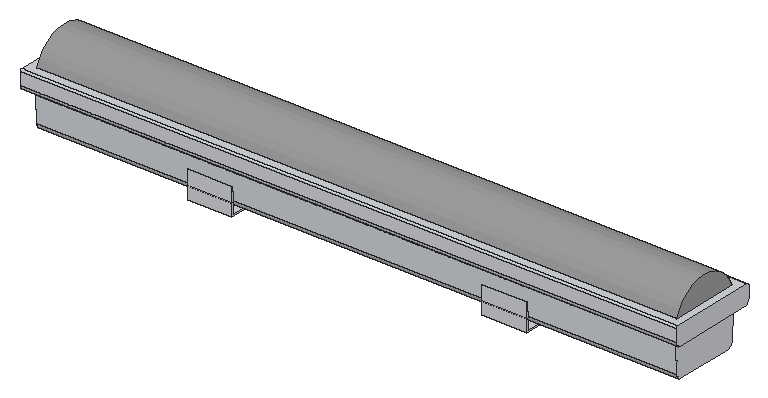
Revit family "0010203", category Lighting Fixtures, host Face, Revit 2017 (continued)
Types (60, lengths in mm): name | Weight | Wattage | TypeName | built-in parameter 1150134 | Photometric Web File | built-in parameter 1150142 | PowerFactor | PowerConsumption | NominalLength | Name | ModelReference | ModelNumber | Model | LuminousEfficacy | built-in parameter 1150105 | Lumens | LampNominalLuminous | LampMacAdamStep | LampColourTemperature | LENGHT_SYL | LENGHT_CHAMFER_SYL | LENGHT-_SYL | LENGHT-_CHAMFER_SYL | L0650_SYL | L1500_SYL | L1200_SYL | built-in parameter 1150107 | built-in parameter 1150106 | built-in parameter 1150104 | DocumentationLiterature | Description | BRACKET_WIDTH_SYL | BRACKET_DIST_SYL | Apparent Load
  0010253 RESISTO 1500 IP66 4000LM 840 EM | "2.5 kg" | 34 W | "Resisto  1500 IP66 4000lm 840 EM" | 12 | "0010253.ies" | "IESNA:LM-63-2002\r\n[TEST] 0010253\r\n[TESTLAB]\r\n[MANUFAC] \r\n[LUMCAT]\r\n[LUMINAIRE] Resisto  1500 IP66 4000lm 840  EM /4000 \r\n[LAMP] 0010253 Resisto  1500 IP66 400/4000\r\n[BALLAST] \r\n[ISSUEDATE]\r\n[OTHER] B-Angle = 0.00 B-Tilt = 0.00 2021-02-16\r\nTILT=NONE\r\n1 4000.00 1 37 5 1 2 0.087 1.500 0.040\r\n1.0 1.0 34.00\r\n   0.00   5.00  10.00  15.00  20.00  25.00  30.00  35.00  40.00  45.00\r\n  50.00  55.00  60.00  65.00  70.00  75.00  80.00  85.00  90.00  95.00\r\n 100.00 105.00 110.00 115.00 120.00 125.00 130.00 135.00 140.00 145.00\r\n 150.00 155.00 160.00 165.00 170.00 175.00 180.00\r\n   0.00  22.50  45.00  67.50  90.00\r\n    1286.32    1282.04    1267.08    1242.24    1204.20    1153.48    1089.96\r\n    1014.52     929.92     838.88     742.84     644.48     545.24     444.32\r\n     341.20     234.40     129.16      41.04       3.44       3.44       3.56\r\n       3.64       3.68       4.00       4.44       4.88       5.36       5.92\r\n       6.56       7.24       7.88       8.56       9.20       9.76      10.20\r\n      10.56      10.80\r\n    1286.32    1282.32    1258.96    1221.88    1180.52    1135.48    1084.04\r\n    1028.00     970.20     909.44     836.64     737.52     606.12     461.80\r\n     332.80     230.44     154.88      99.40      59.44      31.04      16.00\r\n       6.68       4.68       5.08       5.36       5.64       5.96       6.36\r\n       6.84       7.32       7.88       8.44       9.04       9.48       9.92\r\n      10.32      10.80\r\n    1286.32    1275.00    1239.36    1214.04    1191.84    1175.16    1166.84\r\n    1143.48    1092.48     985.60     822.80     647.44     502.76     392.92\r\n     309.80     246.88     196.16     151.64     115.40      87.72      60.76\r\n      37.96      22.28      12.12       7.48       7.32       7.24       7.24\r\n       7.24       7.52       7.96       8.44       8.92       9.36       9.80\r\n      10.16      10.80\r\n    1286.32    1269.16    1235.64    1223.44    1220.12    1235.36    1227.80\r\n    1181.72    1069.64     900.00     732.92     597.68     489.40     405.12\r\n     343.04     291.52     239.48     192.44     153.84     115.48      71.84\r\n      48.56      32.56      22.00      14.16       8.84       8.00       7.92\r\n       7.84       7.84       8.00       8.44       8.96       9.40       9.84\r\n      10.24      10.80\r\n    1286.32    1269.00    1235.96    1226.28    1235.68    1250.20    1239.32\r\n    1175.04    1040.44     867.00     712.80     589.00     489.24     414.92\r\n     359.04     308.00     254.04     204.76     161.72     113.20      70.92\r\n      50.04      36.08      26.60      18.72      12.48       9.84       9.60\r\n       9.48       9.36       9.40       9.68      10.16      10.56      10.84\r\n      10.96      10.80\r\n" | 0.95 | "34 W" | 1500 | "Resisto  1500 IP66 4000lm 840 EM" | "Resisto  1500 IP66 4000lm 840 EM" | "0010253" | "Resisto  1500 IP66 4000lm 840 EM" | "118 lm/W" | 1290.2 (stored number, unit not read) | 4012 lm | "4000 lm" | "5" | "4000 K" | 742 | 750 | -742 | -750 | no | yes | no | 4000 (stored number, unit not read) | 12.902 (stored number, unit not read) | 10.963 (stored number, unit not read) | "http://www.sylvania-lighting.com/product/en-int/products/0010253" | "Resisto, integrated LED weatherproof luminaire, with UV stabilized flat diffuser designed to achieve uniform lit appearance, optimise light output and to reduce glare. 301 stainless steel diffuser clips and fixing brackets for surface mounting. Polycarbonate housing and diffuser - no yellow discolouration over time. 4000lm; 34W; 118lm/W; 4000K; SDCM<5; non dimmable; CRI80; IP66; IK08; Class I; 69,000hrs (L80B20) lifespan; 1500mm x 89mm x 88mm; D-mark; 3-hour maintained emergency batteries." | 550 | 594 | 34 VA
  0010252 RESISTO 1500 IP66 7100LM 840 5XTH | "2.18 kg" | 52 W | "Resisto 1500 IP66 7100lm 840 5xTH" | 12 | "0010252.ies" | "IESNA:LM-63-2002\r\n[TEST] 0010252\r\n[TESTLAB]\r\n[MANUFAC] \r\n[LUMCAT]\r\n[LUMINAIRE] Resisto 1500 IP66 7100lm 840 5 xTH /4000 \r\n[LAMP] 0010252 Resisto 1500 IP66 7100/4000\r\n[BALLAST] \r\n[ISSUEDATE]\r\n[OTHER] B-Angle = 0.00 B-Tilt = 0.00 2021-02-16\r\nTILT=NONE\r\n1 7100.00 1 37 5 1 2 0.087 1.500 0.040\r\n1.0 1.0 52.00\r\n   0.00   5.00  10.00  15.00  20.00  25.00  30.00  35.00  40.00  45.00\r\n  50.00  55.00  60.00  65.00  70.00  75.00  80.00  85.00  90.00  95.00\r\n 100.00 105.00 110.00 115.00 120.00 125.00 130.00 135.00 140.00 145.00\r\n 150.00 155.00 160.00 165.00 170.00 175.00 180.00\r\n   0.00  22.50  45.00  67.50  90.00\r\n    2367.50    2355.99    2324.75    2272.21    2198.66    2105.22    1987.15\r\n    1846.50    1688.17    1517.63    1338.35    1156.09     971.56     783.84\r\n     591.57     393.34     202.42      52.40       6.04       6.32       6.60\r\n       6.74       7.10       7.67       8.38       9.23      10.15      11.15\r\n      12.28      13.49      14.70      15.90      16.97      17.96      18.82\r\n      19.38      19.74\r\n    2367.50    2349.25    2296.64    2224.43    2147.47    2064.82    1969.75\r\n    1864.18    1753.49    1637.54    1496.04    1306.61    1062.44     799.82\r\n     568.50     386.67     253.61     155.92      88.11      42.32      20.66\r\n       8.24       8.38       8.95       9.66      10.22      10.86      11.64\r\n      12.57      13.56      14.55      15.62      16.61      17.61      18.39\r\n      19.03      19.74\r\n    2367.50    2328.59    2259.79    2218.68    2171.11    2138.38    2120.20\r\n    2071.14    1967.62    1757.25    1446.63    1125.85     867.98     675.21\r\n     529.80     419.18     329.30     252.12     190.92     142.71      97.91\r\n      59.78      33.65      17.18      12.99      13.06      13.14      13.14\r\n      13.42      14.06      14.77      15.62      16.47      17.40      18.18\r\n      18.82      19.74\r\n    2367.50    2314.25    2259.57    2234.80    2232.45    2253.47    2231.60\r\n    2133.98    1911.53    1588.98    1283.82    1043.70     851.93     704.04\r\n     595.12     503.60     411.52     330.36     264.33     193.76     120.35\r\n      80.59      53.25      34.65      21.87      14.63      14.48      14.48\r\n      14.41      14.41      14.91      15.62      16.47      17.32      18.18\r\n      18.89      19.74\r\n    2367.50    2303.60    2263.13    2242.32    2275.55    2286.48    2253.19\r\n    2110.69    1838.62    1518.83    1247.26    1030.14     856.33     727.32\r\n     628.78     536.69     440.55     354.86     277.54     188.43     117.29\r\n      83.99      59.78      43.31      30.25      20.52      17.61      17.40\r\n      17.32      17.11      17.25      17.82      18.53      19.17      19.74\r\n      19.95      19.74\r\n" | 0.95 | "52 W" | 1500 | "Resisto 1500 IP66 7100lm 840 5xTH" | "Resisto 1500 IP66 7100lm 840 5xTH" | "0010252" | "Resisto 1500 IP66 7100lm 840 5xTH" | "137 lm/W" | 2375.5 (stored number, unit not read) | 7124 lm | "7100 lm" | "5" | "4000 K" | 742 | 750 | -742 | -750 | no | yes | no | 4000 (stored number, unit not read) | 23.755 (stored number, unit not read) | 12.728 (stored number, unit not read) | "http://www.sylvania-lighting.com/product/en-int/products/0010252" | "Resisto, integrated LED weatherproof luminaire, with UV stabilized flat diffuser designed to achieve uniform lit appearance, optimise light output and to reduce glare. 301 stainless steel diffuser clips and fixing brackets for surface mounting. Polycarbonate housing and diffuser - no yellow discolouration over time. 7100lm; 52W; 137lm/W; 4000K; SDCM<5; non dimmable; CRI80; IP66; IK08; Class I; 69,000hrs (L80B20) lifespan; 1500mm x 89mm x 88mm; D-mark; through wiring." | 550 | 594 | 52 VA
  0010251 RESISTO 1500 IP66 4000LM 840 5XTH | "2.1 kg" | 30 W | "Resisto 1500 IP66 4000lm 840 5xTH" | 12 | "0010251.ies" | "IESNA:LM-63-2002\r\n[TEST] 0010251\r\n[TESTLAB]\r\n[MANUFAC] \r\n[LUMCAT]\r\n[LUMINAIRE] Resisto 1500 IP66 4000lm 840 5 xTH /4000 \r\n[LAMP] 0010251 Resisto 1500 IP66 4000\r\n[BALLAST] \r\n[ISSUEDATE]\r\n[OTHER] B-Angle = 0.00 B-Tilt = 0.00 2021-02-16\r\nTILT=NONE\r\n1 4000.00 1 37 5 1 2 0.087 1.500 0.040\r\n1.0 1.0 30.00\r\n   0.00   5.00  10.00  15.00  20.00  25.00  30.00  35.00  40.00  45.00\r\n  50.00  55.00  60.00  65.00  70.00  75.00  80.00  85.00  90.00  95.00\r\n 100.00 105.00 110.00 115.00 120.00 125.00 130.00 135.00 140.00 145.00\r\n 150.00 155.00 160.00 165.00 170.00 175.00 180.00\r\n   0.00  22.50  45.00  67.50  90.00\r\n    1286.32    1282.04    1267.08    1242.24    1204.20    1153.48    1089.96\r\n    1014.52     929.92     838.88     742.84     644.48     545.24     444.32\r\n     341.20     234.40     129.16      41.04       3.44       3.44       3.56\r\n       3.64       3.68       4.00       4.44       4.88       5.36       5.92\r\n       6.56       7.24       7.88       8.56       9.20       9.76      10.20\r\n      10.56      10.80\r\n    1286.32    1282.32    1258.96    1221.88    1180.52    1135.48    1084.04\r\n    1028.00     970.20     909.44     836.64     737.52     606.12     461.80\r\n     332.80     230.44     154.88      99.40      59.44      31.04      16.00\r\n       6.68       4.68       5.08       5.36       5.64       5.96       6.36\r\n       6.84       7.32       7.88       8.44       9.04       9.48       9.92\r\n      10.32      10.80\r\n    1286.32    1275.00    1239.36    1214.04    1191.84    1175.16    1166.84\r\n    1143.48    1092.48     985.60     822.80     647.44     502.76     392.92\r\n     309.80     246.88     196.16     151.64     115.40      87.72      60.76\r\n      37.96      22.28      12.12       7.48       7.32       7.24       7.24\r\n       7.24       7.52       7.96       8.44       8.92       9.36       9.80\r\n      10.16      10.80\r\n    1286.32    1269.16    1235.64    1223.44    1220.12    1235.36    1227.80\r\n    1181.72    1069.64     900.00     732.92     597.68     489.40     405.12\r\n     343.04     291.52     239.48     192.44     153.84     115.48      71.84\r\n      48.56      32.56      22.00      14.16       8.84       8.00       7.92\r\n       7.84       7.84       8.00       8.44       8.96       9.40       9.84\r\n      10.24      10.80\r\n    1286.32    1269.00    1235.96    1226.28    1235.68    1250.20    1239.32\r\n    1175.04    1040.44     867.00     712.80     589.00     489.24     414.92\r\n     359.04     308.00     254.04     204.76     161.72     113.20      70.92\r\n      50.04      36.08      26.60      18.72      12.48       9.84       9.60\r\n       9.48       9.36       9.40       9.68      10.16      10.56      10.84\r\n      10.96      10.80\r\n" | 0.95 | "30 W" | 1500 | "Resisto 1500 IP66 4000lm 840 5xTH" | "Resisto 1500 IP66 4000lm 840 5xTH" | "0010251" | "Resisto 1500 IP66 4000lm 840 5xTH" | "133 lm/W" | 1283.1 (stored number, unit not read) | 3990 lm | "4000 lm" | "5" | "4000 K" | 742 | 750 | -742 | -750 | no | yes | no | 4000 (stored number, unit not read) | 12.831 (stored number, unit not read) | 12.356 (stored number, unit not read) | "http://www.sylvania-lighting.com/product/en-int/products/0010251" | "Resisto, integrated LED weatherproof luminaire, with UV stabilized flat diffuser designed to achieve uniform lit appearance, optimise light output and to reduce glare. 301 stainless steel diffuser clips and fixing brackets for surface mounting. Polycarbonate housing and diffuser - no yellow discolouration over time. 4000lm; 30W; 133lm/W; 4000K; SDCM<5; non dimmable; CRI80; IP66; IK08; Class I; 69,000hrs (L80B20) lifespan; 1500mm x 89mm x 88mm; D-mark; through wiring." | 550 | 594 | 30 VA
  0010250 RESISTO 1500 IP66 7100LM 840 QC | "2.02 kg" | 52 W | "Resisto  1500 IP66 7100lm 840 QC" | 12 | "0010250.ies" | "IESNA:LM-63-2002\r\n[TEST] 0010250\r\n[TESTLAB]\r\n[MANUFAC] \r\n[LUMCAT]\r\n[LUMINAIRE] Resisto  1500 IP66 7100lm 840  QC /4000 \r\n[LAMP] 0010250 Resisto  1500 IP66 710/4000\r\n[BALLAST] \r\n[ISSUEDATE]\r\n[OTHER] B-Angle = 0.00 B-Tilt = 0.00 2021-02-16\r\nTILT=NONE\r\n1 7100.00 1 37 5 1 2 0.087 1.500 0.040\r\n1.0 1.0 52.00\r\n   0.00   5.00  10.00  15.00  20.00  25.00  30.00  35.00  40.00  45.00\r\n  50.00  55.00  60.00  65.00  70.00  75.00  80.00  85.00  90.00  95.00\r\n 100.00 105.00 110.00 115.00 120.00 125.00 130.00 135.00 140.00 145.00\r\n 150.00 155.00 160.00 165.00 170.00 175.00 180.00\r\n   0.00  22.50  45.00  67.50  90.00\r\n    2367.50    2355.99    2324.75    2272.21    2198.66    2105.22    1987.15\r\n    1846.50    1688.17    1517.63    1338.35    1156.09     971.56     783.84\r\n     591.57     393.34     202.42      52.40       6.04       6.32       6.60\r\n       6.74       7.10       7.67       8.38       9.23      10.15      11.15\r\n      12.28      13.49      14.70      15.90      16.97      17.96      18.82\r\n      19.38      19.74\r\n    2367.50    2349.25    2296.64    2224.43    2147.47    2064.82    1969.75\r\n    1864.18    1753.49    1637.54    1496.04    1306.61    1062.44     799.82\r\n     568.50     386.67     253.61     155.92      88.11      42.32      20.66\r\n       8.24       8.38       8.95       9.66      10.22      10.86      11.64\r\n      12.57      13.56      14.55      15.62      16.61      17.61      18.39\r\n      19.03      19.74\r\n    2367.50    2328.59    2259.79    2218.68    2171.11    2138.38    2120.20\r\n    2071.14    1967.62    1757.25    1446.63    1125.85     867.98     675.21\r\n     529.80     419.18     329.30     252.12     190.92     142.71      97.91\r\n      59.78      33.65      17.18      12.99      13.06      13.14      13.14\r\n      13.42      14.06      14.77      15.62      16.47      17.40      18.18\r\n      18.82      19.74\r\n    2367.50    2314.25    2259.57    2234.80    2232.45    2253.47    2231.60\r\n    2133.98    1911.53    1588.98    1283.82    1043.70     851.93     704.04\r\n     595.12     503.60     411.52     330.36     264.33     193.76     120.35\r\n      80.59      53.25      34.65      21.87      14.63      14.48      14.48\r\n      14.41      14.41      14.91      15.62      16.47      17.32      18.18\r\n      18.89      19.74\r\n    2367.50    2303.60    2263.13    2242.32    2275.55    2286.48    2253.19\r\n    2110.69    1838.62    1518.83    1247.26    1030.14     856.33     727.32\r\n     628.78     536.69     440.55     354.86     277.54     188.43     117.29\r\n      83.99      59.78      43.31      30.25      20.52      17.61      17.40\r\n      17.32      17.11      17.25      17.82      18.53      19.17      19.74\r\n      19.95      19.74\r\n" | 0.95 | "52 W" | 1512 | "Resisto  1500 IP66 7100lm 840 QC" | "Resisto  1500 IP66 7100lm 840 QC" | "0010250" | "Resisto  1500 IP66 7100lm 840 QC" | "137 lm/W" | 2375.5 (stored number, unit not read) | 7124 lm | "7100 lm" | "5" | "4000 K" | 742 | 750 | -742 | -750 | no | yes | no | 4000 (stored number, unit not read) | 23.755 (stored number, unit not read) | 12.728 (stored number, unit not read) | "http://www.sylvania-lighting.com/product/en-int/products/0010250" | "Resisto, integrated LED weatherproof luminaire, with UV stabilized flat diffuser designed to achieve uniform lit appearance, optimise light output and to reduce glare. 301 stainless steel diffuser clips and fixing brackets for surface mounting. Polycarbonate housing and diffuser - no yellow discolouration over time. 7100lm; 52W; 137lm/W; 4000K; SDCM<5; non dimmable; CRI80; IP66; IK08; Class I; 69,000hrs (L80B20) lifespan; 1500mm x 89mm x 88mm; D-mark; assembled with quick connector." | 550 | 594 | 52 VA
  0010249 RESISTO 1500 IP66 4000LM 840 QC | "1.94 kg" | 30 W | "Resisto  1500 IP66 4000lm 840 QC" | 12 | "0010249.ies" | "IESNA:LM-63-2002\r\n[TEST] 0010249\r\n[TESTLAB]\r\n[MANUFAC] \r\n[LUMCAT]\r\n[LUMINAIRE] Resisto  1500 IP66 4000lm 840  QC /4000 \r\n[LAMP] 0010249 Resisto  1500 IP66 400/4000\r\n[BALLAST] \r\n[ISSUEDATE]\r\n[OTHER] B-Angle = 0.00 B-Tilt = 0.00 2021-02-16\r\nTILT=NONE\r\n1 4000.00 1 37 5 1 2 0.087 1.500 0.040\r\n1.0 1.0 30.00\r\n   0.00   5.00  10.00  15.00  20.00  25.00  30.00  35.00  40.00  45.00\r\n  50.00  55.00  60.00  65.00  70.00  75.00  80.00  85.00  90.00  95.00\r\n 100.00 105.00 110.00 115.00 120.00 125.00 130.00 135.00 140.00 145.00\r\n 150.00 155.00 160.00 165.00 170.00 175.00 180.00\r\n   0.00  22.50  45.00  67.50  90.00\r\n    1286.32    1282.04    1267.08    1242.24    1204.20    1153.48    1089.96\r\n    1014.52     929.92     838.88     742.84     644.48     545.24     444.32\r\n     341.20     234.40     129.16      41.04       3.44       3.44       3.56\r\n       3.64       3.68       4.00       4.44       4.88       5.36       5.92\r\n       6.56       7.24       7.88       8.56       9.20       9.76      10.20\r\n      10.56      10.80\r\n    1286.32    1282.32    1258.96    1221.88    1180.52    1135.48    1084.04\r\n    1028.00     970.20     909.44     836.64     737.52     606.12     461.80\r\n     332.80     230.44     154.88      99.40      59.44      31.04      16.00\r\n       6.68       4.68       5.08       5.36       5.64       5.96       6.36\r\n       6.84       7.32       7.88       8.44       9.04       9.48       9.92\r\n      10.32      10.80\r\n    1286.32    1275.00    1239.36    1214.04    1191.84    1175.16    1166.84\r\n    1143.48    1092.48     985.60     822.80     647.44     502.76     392.92\r\n     309.80     246.88     196.16     151.64     115.40      87.72      60.76\r\n      37.96      22.28      12.12       7.48       7.32       7.24       7.24\r\n       7.24       7.52       7.96       8.44       8.92       9.36       9.80\r\n      10.16      10.80\r\n    1286.32    1269.16    1235.64    1223.44    1220.12    1235.36    1227.80\r\n    1181.72    1069.64     900.00     732.92     597.68     489.40     405.12\r\n     343.04     291.52     239.48     192.44     153.84     115.48      71.84\r\n      48.56      32.56      22.00      14.16       8.84       8.00       7.92\r\n       7.84       7.84       8.00       8.44       8.96       9.40       9.84\r\n      10.24      10.80\r\n    1286.32    1269.00    1235.96    1226.28    1235.68    1250.20    1239.32\r\n    1175.04    1040.44     867.00     712.80     589.00     489.24     414.92\r\n     359.04     308.00     254.04     204.76     161.72     113.20      70.92\r\n      50.04      36.08      26.60      18.72      12.48       9.84       9.60\r\n       9.48       9.36       9.40       9.68      10.16      10.56      10.84\r\n      10.96      10.80\r\n" | 0.95 | "30 W" | 1512 | "Resisto  1500 IP66 4000lm 840 QC" | "Resisto  1500 IP66 4000lm 840 QC" | "0010249" | "Resisto  1500 IP66 4000lm 840 QC" | "133 lm/W" | 1283.1 (stored number, unit not read) | 3990 lm | "4000 lm" | "5" | "4000 K" | 742 | 750 | -742 | -750 | no | yes | no | 4000 (stored number, unit not read) | 12.831 (stored number, unit not read) | 12.356 (stored number, unit not read) | "http://www.sylvania-lighting.com/product/en-int/products/0010249" | "Resisto, integrated LED weatherproof luminaire, with UV stabilized flat diffuser designed to achieve uniform lit appearance, optimise light output and to reduce glare. 301 stainless steel diffuser clips and fixing brackets for surface mounting. Polycarbonate housing and diffuser - no yellow discolouration over time. 4000lm; 30W; 133lm/W; 4000K; SDCM<5; non dimmable; CRI80; IP66; IK08; Class I; 69,000hrs (L80B20) lifespan; 1500mm x 89mm x 88mm; D-mark; assembled with quick connector." | 550 | 594 | 30 VA
  0010248 RESISTO 1500 IP66 8300LM 865 | "1.95 kg" | 61 W | "Resisto  1500 IP66 8300lm 865" | 1 | "0010248.ies" | "IESNA:LM-63-2002\r\n[TEST] 0010248\r\n[TESTLAB]\r\n[MANUFAC] \r\n[LUMCAT]\r\n[LUMINAIRE] Resisto  1500 IP66 8300lm 865  /6500 \r\n[LAMP] 0010248 Resisto  1500 IP66 830/6500\r\n[BALLAST] \r\n[ISSUEDATE]\r\n[OTHER] B-Angle = 0.00 B-Tilt = 0.00 2021-02-16\r\nTILT=NONE\r\n1 8300.00 1 37 5 1 2 0.087 1.500 0.040\r\n1.0 1.0 61.00\r\n   0.00   5.00  10.00  15.00  20.00  25.00  30.00  35.00  40.00  45.00\r\n  50.00  55.00  60.00  65.00  70.00  75.00  80.00  85.00  90.00  95.00\r\n 100.00 105.00 110.00 115.00 120.00 125.00 130.00 135.00 140.00 145.00\r\n 150.00 155.00 160.00 165.00 170.00 175.00 180.00\r\n   0.00  22.50  45.00  67.50  90.00\r\n    2794.11    2777.43    2737.84    2672.02    2584.70    2469.75    2325.99\r\n    2158.25    1971.91    1771.55    1562.47    1349.33    1134.94     915.49\r\n     690.23     457.99     236.05      63.83       7.39       7.72       8.05\r\n       8.30       8.47       9.21      10.04      11.12      12.20      13.45\r\n      14.86      16.27      17.76      19.26      20.50      21.66      22.66\r\n      23.41      23.74\r\n    2794.11    2766.39    2701.24    2614.58    2523.45    2425.18    2311.22\r\n    2185.47    2055.91    1917.63    1746.65    1516.74    1223.75     916.65\r\n     650.47     441.56     288.59     177.04      99.43      46.89      23.24\r\n       9.71      10.04      10.79      11.62      12.28      13.03      14.03\r\n      15.11      16.27      17.51      18.76      19.92      21.00      21.91\r\n      22.66      23.74\r\n    2794.11    2741.99    2662.31    2613.09    2558.06    2525.86    2501.79\r\n    2443.11    2306.74    2041.38    1666.39    1295.71    1000.73     780.03\r\n     613.29     486.38     381.80     291.41     220.53     164.17     110.89\r\n      67.81      38.18      19.92      15.44      15.52      15.60      15.60\r\n      16.02      16.77      17.68      18.59      19.59      20.58      21.50\r\n      22.24      23.74\r\n    2794.11    2726.96    2665.96    2636.83    2646.95    2668.12    2640.56\r\n    2510.25    2225.56    1840.69    1490.60    1214.54     994.42     826.18\r\n     700.93     591.71     482.31     386.78     307.76     220.53     135.79\r\n      92.05      61.59      40.59      25.65      17.35      17.10      17.10\r\n      17.01      17.10      17.68      18.59      19.42      20.42      21.41\r\n      22.24      23.74\r\n    2794.11    2719.08    2674.92    2652.85    2699.66    2715.59    2670.03\r\n    2485.19    2145.30    1768.73    1455.90    1204.50    1006.04     859.05\r\n     744.51     633.79     519.00     417.24     320.96     214.06     134.96\r\n      97.61      70.22      51.13      35.94      24.40      21.00      20.67\r\n      20.50      20.25      20.42      21.16      22.08      22.74      23.41\r\n      23.65      23.74\r\n" | 0.95 | "61 W" | 1500 | "Resisto  1500 IP66 8300lm 865" | "Resisto  1500 IP66 8300lm 865" | "0010248" | "Resisto  1500 IP66 8300lm 865" | "136 lm/W" | 2792.8 (stored number, unit not read) | 8296 lm | "8300 lm" | "5" | "6500 K" | 742 | 750 | -742 | -750 | no | yes | no | 6500 (stored number, unit not read) | 27.928 (stored number, unit not read) | 12.635 (stored number, unit not read) | "http://www.sylvania-lighting.com/product/en-int/products/0010248" | "Resisto, integrated LED weatherproof luminaire, with UV stabilized flat diffuser designed to achieve uniform lit appearance, optimise light output and to reduce glare. 301 stainless steel diffuser clips and fixing brackets for surface mounting. Polycarbonate housing and diffuser - no yellow discolouration over time. 8300lm; 61W; 136lm/W; 6500K; SDCM<5; non dimmable; CRI80; IP66; IK08; Class I; 69,000hrs (L80B20) lifespan; 1500mm x 89mm x 88mm; D-mark." | 550 | 594 | 61 VA
  0010247 RESISTO 1500 IP66 7100LM 865 | "1.95 kg" | 52 W | "Resisto  1500 IP66 7100lm 865" | 1 | "0010247.ies" | "IESNA:LM-63-2002\r\n[TEST] 0010247\r\n[TESTLAB]\r\n[MANUFAC] \r\n[LUMCAT]\r\n[LUMINAIRE] Resisto  1500 IP66 7100lm 865  /6500 \r\n[LAMP] 0010247 Resisto  1500 IP66 710/6500\r\n[BALLAST] \r\n[ISSUEDATE]\r\n[OTHER] B-Angle = 0.00 B-Tilt = 0.00 2021-02-16\r\nTILT=NONE\r\n1 7100.00 1 37 5 1 2 0.087 1.500 0.040\r\n1.0 1.0 52.00\r\n   0.00   5.00  10.00  15.00  20.00  25.00  30.00  35.00  40.00  45.00\r\n  50.00  55.00  60.00  65.00  70.00  75.00  80.00  85.00  90.00  95.00\r\n 100.00 105.00 110.00 115.00 120.00 125.00 130.00 135.00 140.00 145.00\r\n 150.00 155.00 160.00 165.00 170.00 175.00 180.00\r\n   0.00  22.50  45.00  67.50  90.00\r\n    2367.50    2355.99    2324.75    2272.21    2198.66    2105.22    1987.15\r\n    1846.50    1688.17    1517.63    1338.35    1156.09     971.56     783.84\r\n     591.57     393.34     202.42      52.40       6.04       6.32       6.60\r\n       6.74       7.10       7.67       8.38       9.23      10.15      11.15\r\n      12.28      13.49      14.70      15.90      16.97      17.96      18.82\r\n      19.38      19.74\r\n    2367.50    2349.25    2296.64    2224.43    2147.47    2064.82    1969.75\r\n    1864.18    1753.49    1637.54    1496.04    1306.61    1062.44     799.82\r\n     568.50     386.67     253.61     155.92      88.11      42.32      20.66\r\n       8.24       8.38       8.95       9.66      10.22      10.86      11.64\r\n      12.57      13.56      14.55      15.62      16.61      17.61      18.39\r\n      19.03      19.74\r\n    2367.50    2328.59    2259.79    2218.68    2171.11    2138.38    2120.20\r\n    2071.14    1967.62    1757.25    1446.63    1125.85     867.98     675.21\r\n     529.80     419.18     329.30     252.12     190.92     142.71      97.91\r\n      59.78      33.65      17.18      12.99      13.06      13.14      13.14\r\n      13.42      14.06      14.77      15.62      16.47      17.40      18.18\r\n      18.82      19.74\r\n    2367.50    2314.25    2259.57    2234.80    2232.45    2253.47    2231.60\r\n    2133.98    1911.53    1588.98    1283.82    1043.70     851.93     704.04\r\n     595.12     503.60     411.52     330.36     264.33     193.76     120.35\r\n      80.59      53.25      34.65      21.87      14.63      14.48      14.48\r\n      14.41      14.41      14.91      15.62      16.47      17.32      18.18\r\n      18.89      19.74\r\n    2367.50    2303.60    2263.13    2242.32    2275.55    2286.48    2253.19\r\n    2110.69    1838.62    1518.83    1247.26    1030.14     856.33     727.32\r\n     628.78     536.69     440.55     354.86     277.54     188.43     117.29\r\n      83.99      59.78      43.31      30.25      20.52      17.61      17.40\r\n      17.32      17.11      17.25      17.82      18.53      19.17      19.74\r\n      19.95      19.74\r\n" | 0.95 | "52 W" | 1500 | "Resisto  1500 IP66 7100lm 865" | "Resisto  1500 IP66 7100lm 865" | "0010247" | "Resisto  1500 IP66 7100lm 865" | "137 lm/W" | 2375.5 (stored number, unit not read) | 7124 lm | "7100 lm" | "5" | "6500 K" | 742 | 750 | -742 | -750 | no | yes | no | 6500 (stored number, unit not read) | 23.755 (stored number, unit not read) | 12.728 (stored number, unit not read) | "http://www.sylvania-lighting.com/product/en-int/products/0010247" | "Resisto, integrated LED weatherproof luminaire, with UV stabilized flat diffuser designed to achieve uniform lit appearance, optimise light output and to reduce glare. 301 stainless steel diffuser clips and fixing brackets for surface mounting. Polycarbonate housing and diffuser - no yellow discolouration over time. 7100lm; 52W; 137lm/W; 6500K; SDCM<5; non dimmable; CRI80; IP66; IK08; Class I; 69,000hrs (L80B20) lifespan; 1500mm x 89mm x 88mm; D-mark." | 550 | 594 | 52 VA
  0010246 RESISTO 1500 IP66 4000LM 865 | "1.87 kg" | 30 W | "Resisto  1500 IP66 4000lm 865" | 1 | "0010246.ies" | "IESNA:LM-63-2002\r\n[TEST] 0010246\r\n[TESTLAB]\r\n[MANUFAC] \r\n[LUMCAT]\r\n[LUMINAIRE] Resisto  1500 IP66 4000lm 865  /6500 \r\n[LAMP] 0010246 Resisto  1500 IP66 400/6500\r\n[BALLAST] \r\n[ISSUEDATE]\r\n[OTHER] B-Angle = 0.00 B-Tilt = 0.00 2021-02-16\r\nTILT=NONE\r\n1 4000.00 1 37 5 1 2 0.087 1.500 0.040\r\n1.0 1.0 30.00\r\n   0.00   5.00  10.00  15.00  20.00  25.00  30.00  35.00  40.00  45.00\r\n  50.00  55.00  60.00  65.00  70.00  75.00  80.00  85.00  90.00  95.00\r\n 100.00 105.00 110.00 115.00 120.00 125.00 130.00 135.00 140.00 145.00\r\n 150.00 155.00 160.00 165.00 170.00 175.00 180.00\r\n   0.00  22.50  45.00  67.50  90.00\r\n    1286.32    1282.04    1267.08    1242.24    1204.20    1153.48    1089.96\r\n    1014.52     929.92     838.88     742.84     644.48     545.24     444.32\r\n     341.20     234.40     129.16      41.04       3.44       3.44       3.56\r\n       3.64       3.68       4.00       4.44       4.88       5.36       5.92\r\n       6.56       7.24       7.88       8.56       9.20       9.76      10.20\r\n      10.56      10.80\r\n    1286.32    1282.32    1258.96    1221.88    1180.52    1135.48    1084.04\r\n    1028.00     970.20     909.44     836.64     737.52     606.12     461.80\r\n     332.80     230.44     154.88      99.40      59.44      31.04      16.00\r\n       6.68       4.68       5.08       5.36       5.64       5.96       6.36\r\n       6.84       7.32       7.88       8.44       9.04       9.48       9.92\r\n      10.32      10.80\r\n    1286.32    1275.00    1239.36    1214.04    1191.84    1175.16    1166.84\r\n    1143.48    1092.48     985.60     822.80     647.44     502.76     392.92\r\n     309.80     246.88     196.16     151.64     115.40      87.72      60.76\r\n      37.96      22.28      12.12       7.48       7.32       7.24       7.24\r\n       7.24       7.52       7.96       8.44       8.92       9.36       9.80\r\n      10.16      10.80\r\n    1286.32    1269.16    1235.64    1223.44    1220.12    1235.36    1227.80\r\n    1181.72    1069.64     900.00     732.92     597.68     489.40     405.12\r\n     343.04     291.52     239.48     192.44     153.84     115.48      71.84\r\n      48.56      32.56      22.00      14.16       8.84       8.00       7.92\r\n       7.84       7.84       8.00       8.44       8.96       9.40       9.84\r\n      10.24      10.80\r\n    1286.32    1269.00    1235.96    1226.28    1235.68    1250.20    1239.32\r\n    1175.04    1040.44     867.00     712.80     589.00     489.24     414.92\r\n     359.04     308.00     254.04     204.76     161.72     113.20      70.92\r\n      50.04      36.08      26.60      18.72      12.48       9.84       9.60\r\n       9.48       9.36       9.40       9.68      10.16      10.56      10.84\r\n      10.96      10.80\r\n" | 0.95 | "30 W" | 1500 | "Resisto  1500 IP66 4000lm 865" | "Resisto  1500 IP66 4000lm 865" | "0010246" | "Resisto  1500 IP66 4000lm 865" | "133 lm/W" | 1283.1 (stored number, unit not read) | 3990 lm | "4000 lm" | "5" | "6500 K" | 742 | 750 | -742 | -750 | no | yes | no | 6500 (stored number, unit not read) | 12.831 (stored number, unit not read) | 12.356 (stored number, unit not read) | "http://www.sylvania-lighting.com/product/en-int/products/0010246" | "Resisto, integrated LED weatherproof luminaire, with UV stabilized flat diffuser designed to achieve uniform lit appearance, optimise light output and to reduce glare. 301 stainless steel diffuser clips and fixing brackets for surface mounting. Polycarbonate housing and diffuser - no yellow discolouration over time. 4000lm; 30W; 133lm/W; 6500K; SDCM<5; non dimmable; CRI80; IP66; IK08; Class I; 69,000hrs (L80B20) lifespan; 1500mm x 89mm x 88mm; D-mark." | 550 | 594 | 30 VA
  0010245 RESISTO 1500 IP66 8300LM 840 | "15.48 kg" | 61 W | "Resisto  1500 IP66 8300lm 840" | 12 | "0010245.ies" | "IESNA:LM-63-2002\r\n[TEST] 0010245\r\n[TESTLAB] Sylvania\r\n[TESTDATE] 2 Nov 2020\r\n[ISSUEDATE] 2 Nov 2020\r\n[MANUFAC] Sylvania\r\n[LUMCAT] 0010245\r\n[LUMINAIRE] Resisto  1500 IP65 8300lm 840\r\n[FLASHAREA] 0.089789\r\n[LAMPCAT] 0010245 Resisto  1500 IP65 8300lm 840\r\n[LAMP] 0010245 Resisto  1500 IP65 8300lm 840\r\n[OTHER] Absolute Photometry\r\nTILT=NONE\r\n1 -1 1.0 37 5 1 2 0.087 1.500 0.040\r\n1.00 1.00 61.00\r\n0.00 5.00 10.00 15.00 20.00 25.00 30.00 35.00 40.00 45.00 \r\n50.00 55.00 60.00 65.00 70.00 75.00 80.00 85.00 90.00 \r\n95.00 100.00 105.00 110.00 115.00 120.00 125.00 130.00 \r\n135.00 140.00 145.00 150.00 155.00 160.00 165.00 170.00 \r\n175.00 180.00 \r\n0.00 22.50 45.00 67.50 90.00 \r\n2794.10 2777.41 2737.82 2671.99 2584.68 2469.71 2325.98 \r\n2158.23 1971.88 1771.54 1562.50 1349.32 1134.98 915.53 \r\n690.24 457.98 236.01 63.82 7.37 7.69 8.04 8.28 8.45 9.22 \r\n10.07 11.11 12.23 13.48 14.84 16.27 17.76 19.22 20.54 \r\n21.70 22.68 23.43 23.76 \r\n2794.10 2766.36 2701.26 2614.62 2523.43 2425.14 2311.20 \r\n2185.48 2055.87 1917.64 1746.66 1516.71 1223.78 916.66 \r\n650.51 441.55 288.60 177.04 99.42 46.89 23.26 9.70 10.06 \r\n10.80 11.59 12.28 13.05 14.01 15.12 16.30 17.52 18.72 \r\n19.90 20.99 21.94 22.68 23.76 \r\n2794.10 2741.96 2662.30 2613.12 2558.05 2525.83 2501.75 \r\n2443.12 2306.73 2041.39 1666.38 1295.68 1000.69 780.07 \r\n613.28 486.35 381.82 291.43 220.50 164.18 110.92 67.79 \r\n38.20 19.89 15.41 15.50 15.56 15.63 15.99 16.75 17.67 \r\n18.60 19.61 20.60 21.50 22.23 23.76 \r\n2794.10 2726.93 2665.98 2636.83 2646.99 2668.08 2640.55 \r\n2510.23 2225.55 1840.72 1490.60 1214.57 994.38 826.14 \r\n700.92 591.74 482.34 386.74 307.73 220.55 135.83 92.08 \r\n61.57 40.58 25.66 17.37 17.13 17.12 17.04 17.09 17.65 \r\n18.56 19.45 20.44 21.42 22.21 23.76 \r\n2794.10 2719.06 2674.89 2652.87 2699.69 2715.59 2669.99 \r\n2485.15 2145.29 1768.69 1455.90 1204.50 1006.07 859.07 \r\n744.47 633.78 519.04 417.22 321.00 214.03 134.99 97.58 \r\n70.18 51.09 35.91 24.43 21.00 20.64 20.47 20.26 20.40 \r\n21.14 22.05 22.72 23.43 23.62 23.76 \r\n" | 0.95 | "61.0 W" | 1500 | "Resisto  1500 IP66 8300lm 840" | "Resisto  1500 IP66 8300lm 840" | "0010245" | "Resisto  1500 IP66 8300lm 840" | "136 lm/W" | -23179853.6 (stored number, unit not read) | 8296 lm | "8300 lm" | "5" | "4000 K" | 742 | 750 | -742 | -750 | no | yes | no | 4000 (stored number, unit not read) | -231798.5 (stored number, unit not read) | 12.635 (stored number, unit not read) | "http://www.sylvania-lighting.com/product/en-int/products/0010245" | "Resisto, integrated LED weatherproof luminaire, with UV stabilized flat diffuser designed to achieve uniform lit appearance, optimise light output and to reduce glare. 301 stainless steel diffuser clips and fixing brackets for surface mounting. Polycarbonate housing and diffuser - no yellow discolouration over time. 8300lm; 61W; 136lm/W; 4000K; SDCM<5; non dimmable; CRI80; IP66; IK08; Class I; 69,000hrs (L80B20) lifespan; 1500mm x 89mm x 88mm; D-mark." | 550 | 594 | 61 VA
